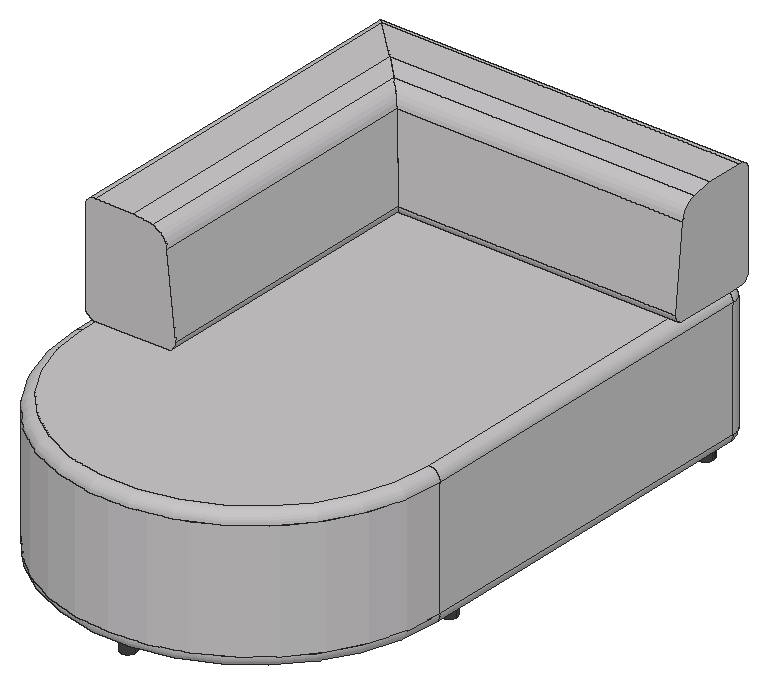
Revit family "FU_Chair_Sandler_ENTROPY_ENT0750", category Furniture, Revit 2020
Family settings
  OmniClass Number = 23.21.23.15.17
  Work Plane-Based = Yes
  Always vertical = No
  Cut with Voids When Loaded = No
  Shared = No
  Room Calculation Point = No
Parameters (values of type "ENTROPY ENT0750")
  Youtube clip = ""
  Width = 970.000 mm  # constant formula
  Uniformat II Description = "Movable Furnishings"
  Uniformat II Code = ""
  Uniclass 2015 Name = ""
  Uniclass 2015 Code = ""
  Uniclass 2.0 Description = ""
  Uniclass 2.0 Code = ""
  Uniclass 1.4 Description = ""
  Uniclass 1.4 Code = ""
  UNSPSC Code = ""
  Technical description = ""
  Seat Material = Leather - Gaja - 60005
  Frame Material = Steel - Frame - Black
  Region South America = "All"
  Region Oceania = "All"
  Region North America = "All"
  Region Middle East = "All"
  Region Europe = "All"
  Region Asia = "All"
  Region Antarctica = "All"
  Region Africa = "All"
  QR code = ""
  Product url = "https://www.sandlerseating.com/product/ent0750/"
  Product name = ""
  Product group = "Chair"
  Product family = "Furniture"
  Product data url = "https://www.sandlerseating.com/product/ent0750/"
  Product certification = ""
  Product SKU = ""
  Product Guid = ""
  OmniClass Description = ""
  OmniClass Code = "23-21 23 15 17"
  NBS Reference Description = ""
  NBS Reference Code = ""
  Model = "ENTROPY ENT0750"
  Masterformat 2014 Description = "Chair Mats"
  Masterformat 2014 Code = "12 48 43.13"
  Manufacturer name = "Sandler"
  Manufacturer country = "UK"
  Manufacturer = "Sandler"
  Installation instructions = ""
  IFC Classification = "Furnishing Element"
  GTIN code = ""
  Edition number = 1
  Design country = "UK"
  Description = "Chair"
  Depth = 1470.000 mm  # constant formula
  Default Elevation = 0.000 mm
  Date of publishing = ""
  COBIe Type Category = ""
  Brand url = "https://www.sandlerseating.com/"
  BIMobject main category code = "furniture"
  BIMobject main category = "Furniture"
  BIMobject category code = "furniture-chair"
  BIMobject category = "Chair"
Reference planes
  plane 1 "Center Front/Back": y = 0
  plane 2: z = 0
  plane 3 "Center Left/Right": x = 0
  plane 4: y = 485
  plane 5: y = -485
  plane 6: x = -485
  plane 7: x = 485
  plane 8: z = 410
  plane 9: z = 40
  plane 10: x = -447.5
  plane 11: x = 447.5
  plane 12: y = -447.5
  plane 13: y = 447.5
  plane 14: y = 245
  plane 15: z = 700
  plane 16: y = -685
  plane 17: y = -985
Forms (mm)
  Extrusion 1, solid, material "Leather - Gaja - 60005" <- "Seat Material"
    sketch origin (0, 0, 0) x (1, 0, 0) y (0, 1, 0)
      loop
        arc (-435, 485) -> (-470.355, 470.355) -> (-485, 435) r 50
        line (-485, 435) -> (-485, -530)
        arc (-485, -530) -> (0, -1015) -> (485, -530) r 485
        line (485, -530) -> (485, 435)
        arc (485, 435) -> (470.355, 470.355) -> (435, 485) r 50
        line (435, 485) -> (-435, 485)
    from 40 to 410
  Extrusion 2, solid, material "Steel - Frame - Black" <- "Frame Material"
    sketch origin (0, 0, 0) x (1, 0, 0) y (0, 1, 0)
      loop
        circle (422.5, -422.5) r 20
      loop
        circle (422.5, 422.5) r 20
      loop
        circle (-441.338, 422.5) r 20
      loop
        circle (-422.5, -408.042) r 20
      loop
        circle (0, -950) r 20
    from 0 to 40
  Extrusion 3, solid, material "Leather - Gaja - 60005" <- "Seat Material"
    sketch origin (0, 0, 0) x (0, 1, 0) y (0, 0, 1)
      loop
        line (485, 700) -> (245, 700) -> (245, 410) -> (485, 410) -> (485, 700)
    from -485 to 485
  Sweep 4, void
    path in 3D
      loop
        arc (485, 435, 410) -> (470.355, 470.355, 410) -> (435, 485, 410) r 50
        line (435, 485, 410) -> (-435, 485, 410)
        arc (-435, 485, 410) -> (-470.355, 470.355, 410) -> (-485, 435, 410) r 50
        line (-485, 435, 410) -> (-485, -530, 410)
        arc (-485, -530, 410) -> (0, -1015, 410) -> (485, -530, 410) r 485
        line (485, -530, 410) -> (485, 435, 410)
    profile origin (485, -47.5, 410) x (-1, 0, 0) y (0, 0, 1)
      loop
        line (0, 0) -> (0, -30)
        arc (0, -30) -> (8.787, -8.787) -> (30, 0) r 30
        line (30, 0) -> (0, 0)
      loop
        line (0, -370) -> (30, -370)
        arc (30, -370) -> (8.787, -361.213) -> (0, -340) r 30
        line (0, -340) -> (0, -370)
  Extrusion 5, solid, material "Leather - Gaja - 60005" <- "Seat Material"
    sketch origin (0, 0, 0) x (-1, 0, 0) y (0, 0, 1)
      loop
        line (485, 700) -> (245, 700) -> (245, 410) -> (485, 410) -> (485, 700)
    from -485 to 485
  Extrusion 6, void
    sketch origin (1000, 471.222, 0) x (-1, 0, 0) y (0, 0, 1)
      loop
        line (1356.636, 700) -> (1245, 700) -> (1245, 410) -> (1270, 410)
        arc (1270, 410) -> (1253.975, 416.638) -> (1247.338, 432.662) r 22.662
        line (1247.338, 432.662) -> (1269.312, 645.671)
        arc (1269.312, 645.671) -> (1281.742, 673.831) -> (1308.31, 689.374) r 50
        line (1308.31, 689.374) -> (1356.636, 700)
      loop
        line (1485, 672.5) -> (1485, 700) -> (1457.5, 700)
        arc (1457.5, 700) -> (1476.945, 691.945) -> (1485, 672.5) r 27.5
      loop
        line (1457.5, 410) -> (1485, 410) -> (1485, 437.5)
        arc (1485, 437.5) -> (1476.945, 418.055) -> (1457.5, 410) r 27.5
    from -956.222 to 13.778
  Extrusion 7, void
    sketch origin (-10, -1000, 0) x (0, 1, 0) y (0, 0, 1)
      loop
        line (1356.636, 700) -> (1245, 700) -> (1245, 410) -> (1270, 410)
        arc (1270, 410) -> (1253.975, 416.638) -> (1247.338, 432.662) r 22.662
        line (1247.338, 432.662) -> (1269.312, 645.671)
        arc (1269.312, 645.671) -> (1281.742, 673.831) -> (1308.31, 689.374) r 50
        line (1308.31, 689.374) -> (1356.636, 700)
      loop
        line (1485, 672.5) -> (1485, 700) -> (1457.5, 700)
        arc (1457.5, 700) -> (1476.945, 691.945) -> (1485, 672.5) r 27.5
      loop
        line (1457.5, 410) -> (1485, 410) -> (1485, 437.5)
        arc (1485, 437.5) -> (1476.945, 418.055) -> (1457.5, 410) r 27.5
    from -475 to 495
  Extrusion 8, void
    sketch origin (0, 0, 0) x (1, 0, 0) y (0, 1, 0)
      loop
        line (-485, 485) -> (-245, 245) -> (-245, 485) -> (-485, 485)
    from 410 to 700
  Extrusion 9, void
    sketch origin (0, 0, 0) x (1, 0, 0) y (0, 1, 0)
      loop
        line (-485, 485) -> (-485, 245) -> (-245, 245) -> (-485, 485)
    from 410 to 700
Cuts and joins
  Sweep 4, Extrusion 7, Extrusion 9 cuts Extrusion 3
  Sweep 4 cuts Extrusion 1
  Extrusion 6, Extrusion 8 cuts Extrusion 5
Lines and regions (mm)
  sketch lines
    curve 1: line (485, -530, 410) -> (485, 435, 410)
    curve 2: arc (485, -530, 410) -> (0, -1015, 410) -> (-485, -530, 410) r 485
    curve 3: arc (435, 485, 410) -> (470.355, 470.355, 410) -> (485, 435, 410) r 50
    curve 4: line (435, 485, 410) -> (-435, 485, 410)
    curve 5: arc (-485, 435, 410) -> (-470.355, 470.355, 410) -> (-435, 485, 410) r 50
    curve 6: line (-485, 435, 410) -> (-485, -530, 410)
Dimensions and locks
  equal spacing: plane 4, plane 1 "Center Front/Back", plane 5
  plane 4 to plane 5 = 970.000 mm
  equal spacing: plane 6, plane 3 "Center Left/Right", plane 7
  "Width": plane 6 to plane 7
  locked: plane 11 to plane 7 at 37.5
  locked: plane 6 to plane 10 at 37.5
  locked: plane 4 to plane 13 at 37.5
  locked: plane 12 to plane 5 at 37.5
  plane 15 to level = 700.000 mm
  plane 4 to plane 16 = 1170.000 mm
  "Depth": plane 4 to plane 17
  aligned and locked: level to plane 2
  aligned and locked: Extrusion 1 sketch curve to plane 4
  aligned and locked: Extrusion 1 sketch curve to plane 7
  aligned and locked: Extrusion 3 sketch curve to plane 4
  aligned and locked: Extrusion 3 sketch curve to plane 15
  aligned and locked: Extrusion 3 sketch curve to plane 14
  aligned and locked: plane 8 to Extrusion 3 sketch curve
  aligned and locked: plane 7 to cut or joined group of Extrusion 3, Sweep 4, Extrusion 7, Extrusion 9
  aligned and locked: cut or joined group of Extrusion 3, Sweep 4, Extrusion 7, Extrusion 9 to plane 6
Automatic sketch dimensions
  Extrusion 1 sketch curve to plane 6 = 0.000 mm
  plane 10 to Extrusion 1 sketch curve = 12.500 mm
  Extrusion 1 sketch curve to plane 11 = 12.500 mm
  Extrusion 1 sketch curve to plane 5 = 45.000 mm
  Extrusion 1 sketch curve to plane 13 = 12.500 mm
  Sweep 4 sketch curve to profile plane = 0.000 mm  (x3)
  Sweep 4 sketch curve to Sweep 4 sketch curve = 30.000 mm  (x2)
  Sweep 4 sketch curve to Sweep 4 sketch curve = 310.000 mm
  Extrusion 5 sketch curve to plane 15 = 0.000 mm
  Extrusion 5 sketch curve to plane 8 = 0.000 mm
  plane 6 to Extrusion 5 sketch curve = 240.000 mm
  Extrusion 5 sketch curve to Extrusion 5 sketch curve = 240.000 mm
  Extrusion 7 sketch curve to plane 15 = 0.000 mm  (x3)
  Extrusion 7 sketch curve to plane 8 = 0.000 mm  (x4)
  Extrusion 7 sketch curve to plane 4 = 240.000 mm
  plane 8 to Extrusion 7 sketch curve = 22.662 mm
  Extrusion 7 sketch curve to Extrusion 7 sketch curve = 2.338 mm
  Extrusion 7 sketch curve to plane 15 = 54.329 mm
  Extrusion 7 sketch curve to Extrusion 7 sketch curve = 24.312 mm
  Extrusion 7 sketch curve to plane 15 = 10.626 mm
  Extrusion 7 sketch curve to Extrusion 7 sketch curve = 38.998 mm
  Extrusion 7 sketch curve to Extrusion 7 sketch curve = 10.738 mm
  Extrusion 7 sketch curve to Extrusion 7 sketch curve = 48.326 mm
  Extrusion 7 sketch curve to plane 15 = 27.500 mm
  Extrusion 7 sketch curve to Extrusion 7 sketch curve = 100.864 mm
  plane 8 to Extrusion 7 sketch curve = 27.500 mm
  Extrusion 7 sketch curve to Extrusion 7 sketch curve = 187.500 mm
  Extrusion 7 sketch curve to Extrusion 7 sketch curve = 27.500 mm  (x2)
  Extrusion 7 sketch curve to Extrusion 7 sketch curve = 0.000 mm  (x5)
  Extrusion 8 sketch curve to plane 6 = 0.000 mm
  Extrusion 8 sketch curve to plane 4 = 0.000 mm
  plane 14 to Extrusion 8 sketch curve = 0.000 mm
  plane 10 to Extrusion 8 sketch curve = 202.500 mm
  Extrusion 9 sketch curve to plane 4 = 0.000 mm
  Extrusion 9 sketch curve to plane 6 = 0.000 mm
  plane 14 to Extrusion 9 sketch curve = 0.000 mm
  plane 10 to Extrusion 9 sketch curve = 202.500 mm
  Extrusion 6 sketch curve to plane 15 = 0.000 mm  (x3)
  Extrusion 6 sketch curve to plane 8 = 0.000 mm  (x4)
  Extrusion 6 sketch curve to plane 11 = 692.500 mm
  plane 8 to Extrusion 6 sketch curve = 22.662 mm
  Extrusion 6 sketch curve to Extrusion 6 sketch curve = 2.338 mm
  Extrusion 6 sketch curve to plane 15 = 54.329 mm
  Extrusion 6 sketch curve to Extrusion 6 sketch curve = 24.312 mm
  Extrusion 6 sketch curve to plane 15 = 10.626 mm
  Extrusion 6 sketch curve to Extrusion 6 sketch curve = 38.998 mm
  Extrusion 6 sketch curve to Extrusion 6 sketch curve = 10.738 mm
  Extrusion 6 sketch curve to Extrusion 6 sketch curve = 48.326 mm
  Extrusion 6 sketch curve to plane 3 "Center Left/Right" = 457.500 mm  (x2)
  Extrusion 6 sketch curve to plane 3 "Center Left/Right" = 485.000 mm  (x2)
  Extrusion 6 sketch curve to Extrusion 6 sketch curve = 27.500 mm
  Extrusion 6 sketch curve to plane 15 = 27.500 mm
  Extrusion 6 sketch curve to Extrusion 6 sketch curve = 0.000 mm  (x5)
  plane 10 to Extrusion 2 sketch curve = 6.162 mm
  plane 10 to Extrusion 2 sketch curve = 25.000 mm
  Extrusion 2 sketch curve to plane 12 = 502.500 mm
  plane 3 "Center Left/Right" to Extrusion 2 sketch curve = 0.000 mm
  Extrusion 2 sketch curve to plane 11 = 25.000 mm  (x2)
  plane 12 to Extrusion 2 sketch curve = 25.000 mm
  plane 12 to Extrusion 2 sketch curve = 39.458 mm
  Extrusion 2 sketch curve to plane 13 = 25.000 mm  (x2)
  radius of Extrusion 2 sketch curve = 20.000 mm  (x5)
